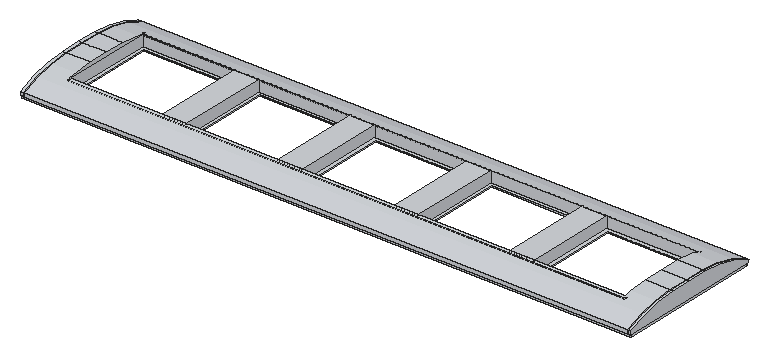
Revit family "Gira_0215766", category Electrical Fixtures, host Face, Revit 2017
Family settings
  Host = Face
  Maintain Annotation Orientation = No
  Round Connector Dimension = Use Diameter
  Part Type = Normal
  Cut with Voids When Loaded = No
  Shared = No
  Room Calculation Point = No
Parameters (values of type "Cov.fr. 5-g interm.fr. CAl Gira Event Clear brown")
  With mounting grid = "No"
  With hinged lid = "No"
  URL = "http://katalog.gira.de/en/datenblatt.html?artikelnr=0215766"
  Type of fastening = "Clamp mounting"
  Transparent = "No"
  Surface protection = "Other"
  Surface finishing = "Glossy"
  Suitable for wall duct = "No"
  Suitable for flush-mounted installation = "Yes"
  Suitable for floor box = "No"
  Suitable for built-in installation = "No"
  Number of units vertical = "5"
  Number of units horizontal = "5"
  Number of units = "5"
  Name = "Cov.fr. 5-g interm.fr. CAl Gira Event Clear brown"
  Mounting direction = "Horizontal and vertical"
  Material quality = "Thermoplastic"
  Material = "Plastic"
  Manufacturer URL = "https://www.gira.de/"
  Manufacturer = "Gira"
  Label space/information surface = "No"
  Keynote = ""
  HeinzeBIM = "https://bimportal.heinze.de/bim/cov-fr-5-g-interm-fr-cal-gira-event-clear-brown/80f0e10f5ac22a1e87634f88793d86cd1046be91"
  Halogen free = "Yes"
  HAN = "0215766"
  GTIN = "4010337069430"
  Description = "Cov.fr.5g i.fr.CAl EvCl BN,Gira Event Clear cover frame,brown with colour aluminium intermediate frame,5-gang,Features:,- Shatter-proof."
  Degree of protection (IP) = "IP20"
  Default Elevation = 1219.2 mm
  Data sheet (1) = "https://katalog.gira.de/en/download.html?artikelnr=0215766"
  Colour = "Brown"
  Category = "Cover frame for domestic switching devices"
  BIM (1) = "https://media.stage.bim.site/public/gira/36a6b08/Event_Rahmen_5fach.rfa"
  Available = "No"
Reference planes
  plane 1 "Center (Front/Back)": y = 0
  plane 2: z = 0
  plane 3 "Center (Left/Right)": x = 0
Forms (mm)
  Extrusion 1, solid, detail levels fine
    sketch origin (0, 0, 0.05) x (0, 1, 0) y (0, 0, 1)
      loop
        arc (12.445, 9.683) -> (6.223, 9.833) -> (0, 9.85) r 291.636
        arc (0, 9.85) -> (-6.223, 9.833) -> (-12.445, 9.683) r 291.636
        arc (-12.445, 9.683) -> (-29.14, 7.482) -> (-45, 1.823) r 79.728
        line (-45, 1.823) -> (-45, -0.05) -> (-42.086, -0.05)
        arc (-42.086, -0.05) -> (-21.385, 5.559) -> (0, 7.206) r 114.424
        arc (0, 7.206) -> (21.385, 5.559) -> (42.086, -0.05) r 114.424
        line (42.086, -0.05) -> (45, -0.05) -> (45, 1.823)
        arc (45, 1.823) -> (29.14, 7.482) -> (12.445, 9.683) r 79.728
    from -185.578 to 185.593
  Extrusion 2, void, detail levels fine
    sketch origin (0, 0, 0) x (1, 0, 0) y (0, 1, 0)
      loop
        line (170.607, 28) -> (-170.593, 28) -> (-170.593, -28) -> (170.607, -28) -> (170.607, 28)
    from 0.724 to 11
  Extrusion 3, solid, detail levels coarse
    sketch origin (0, 0, 0) x (1, 0, 0) y (0, 1, 0)
      loop
        line (-187.578, 45) -> (-187.578, -45) -> (187.593, -45) -> (187.593, 45) -> (-187.578, 45)
    from -1.5 to 9.9
  Extrusion 4, solid, detail levels medium
    sketch origin (0, 0, 0.05) x (0, 1, 0) y (0, 0, 1)
      loop
        arc (12.445, 9.683) -> (6.223, 9.833) -> (0, 9.85) r 291.636
        arc (0, 9.85) -> (-6.223, 9.833) -> (-12.445, 9.683) r 291.636
        arc (-12.445, 9.683) -> (-29.14, 7.482) -> (-45, 1.823) r 79.728
        line (-45, 1.823) -> (-45, -0.05) -> (45, -0.05) -> (45, 1.823)
        arc (45, 1.823) -> (29.14, 7.482) -> (12.445, 9.683) r 79.728
    from -187.578 to 187.593
  Extrusion 5, solid, detail levels fine
    sketch origin (-142.578, 0, -1.5) x (0, 1, 0) y (0, 0, -1)
      loop
        line (45, -3.373) -> (45, -1.5) -> (-45, -1.5) -> (-45, -3.373)
        arc (-45, -3.373) -> (-29.14, -9.032) -> (-12.445, -11.233) r 79.728
        arc (-12.445, -11.233) -> (-6.223, -11.383) -> (0, -11.4) r 291.636
        arc (0, -11.4) -> (6.223, -11.383) -> (12.445, -11.233) r 291.636
        arc (12.445, -11.233) -> (29.14, -9.032) -> (45, -3.373) r 79.728
    from 43 to 45
  Extrusion 6, solid, detail levels fine
    sketch origin (0, 0, 0) x (1, 0, 0) y (0, 1, 0)
      loop
        line (-168.493, 25.7) -> (-168.493, -25.7) -> (-116.693, -25.7) -> (-116.693, 25.7) -> (-168.493, 25.7)
      loop
        line (-45.398, -25.7) -> (-45.398, 25.7) -> (-97.198, 25.7) -> (-97.198, -25.7) -> (-45.398, -25.7)
      loop
        line (-171.487, 28.49) -> (-171.487, -28.495)
        spline (-171.487, -28.495) -> (-171.479, -28.625) -> (-171.453, -28.754) -> (-171.411, -28.878) -> (-171.353, -28.995) -> (-171.281, -29.104) -> (-171.194, -29.202) -> (-171.096, -29.288) -> (-170.987, -29.361) -> (-170.87, -29.419) -> (-170.746, -29.461) -> (-170.618, -29.486) -> (-170.487, -29.495)
        line (-170.487, -29.495) -> (170.502, -29.495)
        spline (170.502, -29.495) -> (170.633, -29.486) -> (170.761, -29.461) -> (170.885, -29.419) -> (171.002, -29.361) -> (171.111, -29.288) -> (171.209, -29.202) -> (171.296, -29.104) -> (171.368, -28.995) -> (171.426, -28.878) -> (171.468, -28.754) -> (171.494, -28.625) -> (171.502, -28.495)
        line (171.502, -28.495) -> (171.502, 28.49)
        spline (171.502, 28.49) -> (171.494, 28.62) -> (171.468, 28.748) -> (171.426, 28.872) -> (171.368, 28.99) -> (171.296, 29.098) -> (171.209, 29.197) -> (171.111, 29.283) -> (171.002, 29.356) -> (170.885, 29.413) -> (170.761, 29.456) -> (170.633, 29.481) -> (170.502, 29.49)
        line (170.502, 29.49) -> (-170.487, 29.49)
        spline (-170.487, 29.49) -> (-170.618, 29.481) -> (-170.746, 29.456) -> (-170.87, 29.413) -> (-170.987, 29.356) -> (-171.096, 29.283) -> (-171.194, 29.197) -> (-171.281, 29.098) -> (-171.353, 28.99) -> (-171.411, 28.872) -> (-171.453, 28.748) -> (-171.479, 28.62) -> (-171.487, 28.49)
      loop
        line (25.902, -25.7) -> (25.902, 25.7) -> (-25.898, 25.7) -> (-25.898, -25.7) -> (25.902, -25.7)
      loop
        line (97.207, -25.7) -> (97.207, 25.7) -> (45.407, 25.7) -> (45.407, -25.7) -> (97.207, -25.7)
      loop
        line (168.507, -25.7) -> (168.507, 25.7) -> (116.707, 25.7) -> (116.707, -25.7) -> (168.507, -25.7)
    from 0.1 to 7.3
  Extrusion 7, solid
    sketch origin (0, 0, 0) x (1, 0, 0) y (0, 1, 0)
      loop
        arc (-187.293, -44.218) -> (-187.146, -44.572) -> (-186.793, -44.718) r 0.5
        line (-186.793, -44.718) -> (186.807, -44.718)
        arc (186.807, -44.718) -> (187.161, -44.572) -> (187.307, -44.218) r 0.5
        line (187.307, -44.218) -> (187.307, 44.182)
        arc (187.307, 44.182) -> (187.161, 44.535) -> (186.807, 44.682) r 0.5
        line (186.807, 44.682) -> (-186.793, 44.682)
        arc (-186.793, 44.682) -> (-187.146, 44.535) -> (-187.293, 44.182) r 0.5
        line (-187.293, 44.182) -> (-187.293, -44.218)
      loop
        line (-185.593, 42.982) -> (-185.593, -43.018) -> (185.607, -43.018) -> (185.607, 42.982) -> (-185.593, 42.982)
    from -1.5 to 0.5
  Extrusion 8, solid, detail levels fine
    sketch origin (142.593, 0, -1.5) x (0, 1, 0) y (0, 0, 1)
      loop
        arc (45, 3.373) -> (29.14, 9.032) -> (12.445, 11.233) r 79.728
        arc (12.445, 11.233) -> (6.223, 11.383) -> (0, 11.4) r 291.636
        arc (0, 11.4) -> (-6.223, 11.383) -> (-12.445, 11.233) r 291.636
        arc (-12.445, 11.233) -> (-29.14, 9.032) -> (-45, 3.373) r 79.728
        line (-45, 3.373) -> (-45, 1.5) -> (45, 1.5) -> (45, 3.373)
    from 43 to 45
  Extrusion 9, solid, detail levels medium
    sketch origin (0, 0, 0) x (1, 0, 0) y (0, 1, 0)
      loop
        line (-187.293, -44.718) -> (187.307, -44.718) -> (187.307, 44.682) -> (-187.293, 44.682) -> (-187.293, -44.718)
    from -1.5 to 0.5
  Extrusion 10, solid, detail levels fine
    sketch origin (-105.5, 0, 0) x (1, 0, 0) y (0, 1, 0)
      loop
        line (-8.943, 28.063) -> (-8.943, -27.937) -> (6.057, -27.937) -> (6.057, 28.063) -> (-8.943, 28.063)
    from 0.724 to 7.566
  Extrusion 11, solid, detail levels fine
    sketch origin (-37.085, 0, 0) x (-1, 0, 0) y (0, -1, 0)
      loop
        line (-8.943, -28.063) -> (6.057, -28.063) -> (6.057, 27.937) -> (-8.943, 27.937) -> (-8.943, -28.063)
    from 0.724 to 7.566
  Extrusion 12, solid, detail levels fine
    sketch origin (105.5, 0, 0) x (-1, 0, 0) y (0, -1, 0)
      loop
        line (-8.943, -28.063) -> (6.057, -28.063) -> (6.057, 27.937) -> (-8.943, 27.937) -> (-8.943, -28.063)
    from 0.724 to 7.566
  Extrusion 13, solid, detail levels fine
    sketch origin (37.085, 0, 0) x (1, 0, 0) y (0, 1, 0)
      loop
        line (-8.943, 28.063) -> (-8.943, -27.937) -> (6.057, -27.937) -> (6.057, 28.063) -> (-8.943, 28.063)
    from 0.724 to 7.566
Cuts and joins
  Extrusion 2 cuts Extrusion 1
  Extrusion 2 cuts Extrusion 6
Dimensions and locks
  aligned and locked: plane 2 to host face
  aligned and locked: level to host face
